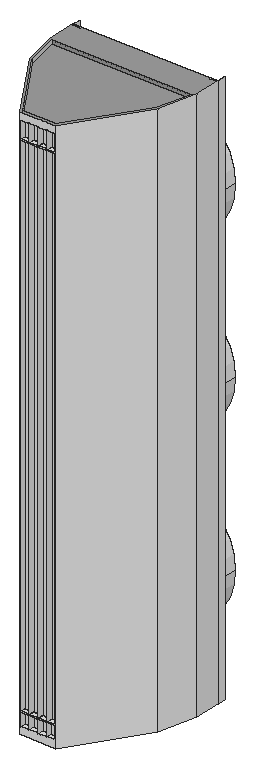
Revit family "Guard Pro 200E", category Wyposażenie mechaniczne, Revit 2018
Family settings
  Wymiar okrągłego złącza = Użyj średnicy
  Klasyfikacja = Brak
  Typ części = Normalny
  Oparty na płaszczyźnie roboczej = Nie
  Zawsze pionowo = Tak
  Tnij formami wycięć po wczytaniu = Nie
  Współdzielony = Nie
  Punkt obliczania pomieszczeń = Nie
Parameters (values of type "Guard Pro 200E")
  напряжение питания нагревателя = 400 V
  материал = Powder lak coated Steel
  двигатель потребление тока = 3.6 A
  Скорость воздушного потока [instance] = 0.0 m/s
  Потребление тока = 29 A
  Номинальная тепловая мощность [instance] = 21000 W
  Напряжение питания = 230 V
  Мощность электродвигателя = 750 W
  Масса = 63.00 kg
  Максимальный расход воздуха = 9100 m³/h
  Максимальная высота двери = 8 mm
  Класс защиты = "IP54"
  Длина завесы = 2000 mm
  Диаметры патрубков = "19.1"
  Opis = "Промышленная воздушно-тепловая завеса"
  Fan3 = yes
  высота вентилятора 3 = 1620 mm
  высота вентилятора 2 = 1000 mm
  высота вентилятора 1 = 380 mm
  Producent = "SONNIGER Polska Sp. z o.o. Sp. k."
  Model = "Guard Pro 200E"
  Autor = "www.archispace.pl"
Reference planes
  plane 1 "Środek (Przód/Tył)": y = 0
  plane 2: z = 0
  plane 3 "Środek (Lewa/Prawa)": x = 0
  plane 4 "wysokość": z = 2000
Forms (mm)
  Extrusion 1, solid, material "Powder lak coated Steel" <- "материал"
    sketch origin (0, 0, 0) x (1, 0, 0) y (0, 1, 0)
      loop
        line (-260, 0) -> (-260, -98) -> (-228.987, -228) -> (-64, -480) -> (64, -480) -> (228.987, -228) -> (260.988, -93.861) -> (260.988, 0) -> (-260, 0)
    from 0 to 2000
  Extrusion 2, void, detail levels fine
    sketch origin (-64, -480, 0) x (-1, 0, 0) y (0, 0, 1)
      loop
        line (-31.536, 1910.02) -> (-31.536, 75.02) -> (-1.411, 75.02) -> (-1.411, 1910.02) -> (-31.536, 1910.02)
      loop
        line (-33.036, 1910.02) -> (-63.161, 1910.02) -> (-63.161, 75.02) -> (-33.036, 75.02) -> (-33.036, 1910.02)
      loop
        line (-64.661, 75.02) -> (-64.661, 1910.02) -> (-94.786, 1910.02) -> (-94.786, 75.02) -> (-64.661, 75.02)
      loop
        line (-96.411, 1910.02) -> (-126.411, 1910.02) -> (-126.411, 75.02) -> (-96.411, 75.02) -> (-96.411, 1910.02)
      loop
        line (-96.411, 1911.52) -> (-96.411, 1974.42) -> (-126.411, 1974.42) -> (-126.411, 1911.52) -> (-96.411, 1911.52)
      loop
        line (-94.786, 1911.52) -> (-64.661, 1911.52) -> (-64.661, 1974.42) -> (-94.786, 1974.42) -> (-94.786, 1911.52)
      loop
        line (-63.161, 1911.52) -> (-33.036, 1911.52) -> (-33.036, 1974.42) -> (-63.161, 1974.42) -> (-63.161, 1911.52)
      loop
        line (-31.536, 1911.52) -> (-1.411, 1911.52) -> (-1.411, 1974.42) -> (-31.536, 1974.42) -> (-31.536, 1911.52)
      loop
        line (-1.411, 25.62) -> (-1.411, 73.52) -> (-31.536, 73.52) -> (-31.536, 25.62) -> (-1.411, 25.62)
      loop
        line (-33.036, 73.52) -> (-63.161, 73.52) -> (-63.161, 25.62) -> (-33.036, 25.62) -> (-33.036, 73.52)
      loop
        line (-64.661, 73.52) -> (-94.786, 73.52) -> (-94.786, 25.62) -> (-64.661, 25.62) -> (-64.661, 73.52)
      loop
        line (-96.286, 73.52) -> (-126.411, 73.52) -> (-126.411, 25.62) -> (-96.286, 25.62) -> (-96.286, 73.52)
    from 0 to 20
  Extrusion 3, solid, material "Powder lak coated Steel" <- "материал"
    sketch origin (-1359.541, 0, 0) x (1, 0, 0) y (0, 0, -1)
      loop
        circle (1360.528, -380) r 242
    from 0 to 98
  Extrusion 4, solid, material "Powder lak coated Steel" <- "материал"
    sketch origin (-1359.541, 0, 676) x (1, 0, 0) y (0, 0, -1)
      loop
        circle (1360.528, -324) r 242
    from 0 to 98
  Extrusion 5, solid, material "Powder lak coated Steel" <- "материал", visible <- "Fan3"
    sketch origin (0, 0, 0) x (1, 0, 0) y (0, 0, 1)
      loop
        circle (0, 1620) r 243
    from 0 to -98
  Extrusion 6, solid, material "Powder lak coated Steel" <- "материал", visible <- "Fan3", detail levels coarse
    sketch origin (0, 98, 0) x (-1, 0, 0) y (0, 0, 1)
      loop
        circle (0, 1620) r 40.517
    from 0 to 28.5
  Extrusion 7, solid, material "Powder lak coated Steel" <- "материал", detail levels coarse
    sketch origin (-1359.541, 98, 676) x (1, 0, 0) y (0, 0, -1)
      loop
        circle (1358.702, -324) r 40.77
    from 0 to 28.5
  Extrusion 8, solid, material "Powder lak coated Steel" <- "материал", detail levels coarse
    sketch origin (-1359.541, 98, 0) x (1, 0, 0) y (0, 0, -1)
      loop
        circle (1359.541, -380) r 41.364
    from 0 to 28.5
  Extrusion 9, solid, material "Powder lak coated Steel" <- "материал", detail levels medium+fine
    sketch origin (0, 0, 0) x (1, 0, 0) y (0, 1, 0)
      loop
        line (-257.512, 2.502) -> (-257.512, 30) -> (-259.012, 30) -> (-259.012, 2.5)
        arc (-259.012, 2.5) -> (-258.28, 0.732) -> (-256.512, 0) r 2.5
        line (-256.512, 0) -> (-231.985, 0) -> (-231.985, 1.5) -> (-256.512, 1.5)
        arc (-256.512, 1.5) -> (-257.22, 1.795) -> (-257.512, 2.502) r 1
      loop
        line (259.488, 30) -> (259.488, 2.5)
        arc (259.488, 2.5) -> (259.195, 1.793) -> (258.488, 1.5) r 1
        line (258.488, 1.5) -> (233.988, 1.5) -> (233.988, 0) -> (258.488, 0)
        arc (258.488, 0) -> (260.255, 0.735) -> (260.988, 2.503) r 2.5
        line (260.988, 2.503) -> (260.988, 30) -> (259.488, 30)
    from 0 to 2000
  Extrusion 10, void, detail levels medium+fine
    sketch origin (0, 0, 0) x (1, 0, 0) y (0, 1, 0)
      loop
        line (60.875, -473.318) -> (221.487, -228) -> (250.687, -105.6) -> (-250.687, -105.6) -> (-221.487, -228) -> (-60.875, -473.318) -> (60.875, -473.318)
    from 1985.666 to 2433.194
  Extrusion 11, void, detail levels medium+fine
    sketch origin (0, 0, 0) x (1, 0, 0) y (0, 1, 0)
      loop
        line (-221.487, -228) -> (-60.875, -473.318) -> (60.875, -473.318) -> (221.487, -228) -> (250.687, -105.6) -> (-250.687, -105.6) -> (-221.487, -228)
    from -69.313 to 11.43
  Extrusion 12, solid, detail levels medium+fine
    sketch origin (-1359.541, 98, 676) x (1, 0, 0) y (0, 0, -1)
      loop
        line (1345.504, 257.295) -> (1372.553, 257.295)
        arc (1372.553, 257.295) -> (1388.02, 267.009) -> (1397.733, 282.475) r 41
        line (1397.733, 282.475) -> (1397.733, 309.525)
        arc (1397.733, 309.525) -> (1388.02, 324.991) -> (1372.553, 334.705) r 41
        line (1372.553, 334.705) -> (1345.504, 334.705)
        arc (1345.504, 334.705) -> (1330.037, 324.991) -> (1320.323, 309.525) r 41
        line (1320.323, 309.525) -> (1320.323, 282.475)
        arc (1320.323, 282.475) -> (1330.037, 267.009) -> (1345.504, 257.295) r 41
    from 0 to 28.5
  Extrusion 13, solid, visible <- "Fan3", detail levels medium+fine
    sketch origin (-1359.541, 98, 1206.324) x (1, 0, 0) y (0, 0, -1)
      loop
        line (1345.504, -452.381) -> (1372.553, -452.381)
        arc (1372.553, -452.381) -> (1388.02, -442.668) -> (1397.733, -427.201) r 41
        line (1397.733, -427.201) -> (1397.733, -400.152)
        arc (1397.733, -400.152) -> (1388.02, -384.685) -> (1372.553, -374.971) r 41
        line (1372.553, -374.971) -> (1345.504, -374.971)
        arc (1345.504, -374.971) -> (1330.037, -384.685) -> (1320.323, -400.152) r 41
        line (1320.323, -400.152) -> (1320.323, -427.201)
        arc (1320.323, -427.201) -> (1330.037, -442.668) -> (1345.504, -452.381) r 41
    from 0 to 28.5
  Extrusion 14, solid, detail levels medium+fine
    sketch origin (-1359.541, 98, 1352.306) x (1, 0, 0) y (0, 0, -1)
      loop
        line (1345.504, 313.601) -> (1372.553, 313.601)
        arc (1372.553, 313.601) -> (1388.02, 323.314) -> (1397.733, 338.781) r 41
        line (1397.733, 338.781) -> (1397.733, 365.83)
        arc (1397.733, 365.83) -> (1388.02, 381.297) -> (1372.553, 391.011) r 41
        line (1372.553, 391.011) -> (1345.504, 391.011)
        arc (1345.504, 391.011) -> (1330.037, 381.297) -> (1320.323, 365.83) r 41
        line (1320.323, 365.83) -> (1320.323, 338.781)
        arc (1320.323, 338.781) -> (1330.037, 323.314) -> (1345.504, 313.601) r 41
    from 0 to 28.5
Cuts and joins
  Extrusion 2, Extrusion 10, Extrusion 11 cuts Extrusion 1
Lines and regions (mm)
  Split face 1
    outline origin (228.987, -228, 2500) x (0, 0, -1) y (0.23205, 0.972704, 0)
      loop
        line (532.508, 13.225) -> (768.508, 13.225) -> (768.508, 75.225) -> (532.508, 75.225) -> (532.508, 13.225)
Dimensions and locks
  "Длина завесы": plane 4 "wysokość" to level
  "высота вентилятора 1": cut or joined group of Extrusion 1, Extrusion 2, Extrusion 10, Extrusion 11 to Extrusion 3 sketch curve
  "высота вентилятора 2": cut or joined group of Extrusion 1, Extrusion 2, Extrusion 10, Extrusion 11 to Extrusion 4 sketch curve
  "высота вентилятора 3": level to Extrusion 5 sketch curve
  "высота вентилятора 3": cut or joined group of Extrusion 1, Extrusion 2, Extrusion 10, Extrusion 11 to Extrusion 6 sketch curve
  "высота вентилятора 2": level to Extrusion 7 sketch curve
  "высота вентилятора 1": cut or joined group of Extrusion 1, Extrusion 2, Extrusion 10, Extrusion 11 to Extrusion 8 sketch curve
  locked: cut or joined group of Extrusion 1, Extrusion 2, Extrusion 10, Extrusion 11 to plane 4 "wysokość" at 14.334
  "высота вентилятора 1": level to Extrusion 12 sketch curve
  "высота вентилятора 2": level to Extrusion 14 sketch curve
  "высота вентилятора 3": level to Extrusion 13 sketch curve
  locked: cut or joined group of Extrusion 1, Extrusion 2, Extrusion 10, Extrusion 11 to Split face 1 at 32.508
  aligned and locked: level to plane 2
  aligned and locked: plane 4 "wysokość" to Extrusion 1
  aligned and locked: Extrusion 6 to Extrusion 7
  aligned and locked: Extrusion 8 to Extrusion 3
  aligned and locked: Extrusion 8 to Extrusion 7
  aligned and locked: plane 4 "wysokość" to Extrusion 9
  aligned and locked: Extrusion 12 to Extrusion 3
Automatic sketch dimensions
  plane 1 "Środek (Przód/Tył)" to Extrusion 1 sketch curve = 0 mm
  plane 1 "Środek (Przód/Tył)" to Extrusion 1 sketch curve = 98 mm
  Extrusion 1 sketch curve to plane 3 "Środek (Lewa/Prawa)" = 260 mm
  Extrusion 1 sketch curve to Extrusion 1 sketch curve = 31.013 mm
  Extrusion 1 sketch curve to plane 3 "Środek (Lewa/Prawa)" = 64 mm
  plane 3 "Środek (Lewa/Prawa)" to Extrusion 1 sketch curve = 64 mm
  plane 3 "Środek (Lewa/Prawa)" to Extrusion 1 sketch curve = 228.987 mm
  Extrusion 1 sketch curve to Extrusion 1 sketch curve = 32.001 mm
  Extrusion 1 sketch curve to Extrusion 1 sketch curve = 130 mm
  plane 1 "Środek (Przód/Tył)" to Extrusion 1 sketch curve = 228 mm
  Extrusion 1 sketch curve to Extrusion 1 sketch curve = 252 mm
  Extrusion 1 sketch curve to Extrusion 1 sketch curve = 93.861 mm
  Extrusion 1 to Extrusion 2 sketch curve = 1.589 mm  (x3)
  Extrusion 2 sketch curve to Extrusion 2 sketch curve = 30 mm
  Extrusion 2 sketch curve to Extrusion 2 sketch curve = 0 mm  (x13)
  Extrusion 2 sketch curve to Extrusion 2 sketch curve = 0.125 mm
  Extrusion 2 sketch curve to Extrusion 2 sketch curve = 1.625 mm  (x2)
  Extrusion 2 sketch curve to Extrusion 2 sketch curve = 1.5 mm  (x14)
  Extrusion 2 sketch curve to Extrusion 2 sketch curve = 30.125 mm  (x3)
  Extrusion 2 sketch curve to Extrusion 1 = 1.411 mm  (x3)
  Extrusion 2 sketch curve to Extrusion 1 = 25.62 mm  (x2)
  Extrusion 2 sketch curve to Extrusion 2 sketch curve = 47.9 mm
  Extrusion 2 sketch curve to Extrusion 1 = 89.98 mm  (x2)
  Extrusion 2 sketch curve to Extrusion 1 = 25.58 mm  (x3)
  plane 1 "Środek (Przód/Tył)" to Extrusion 9 sketch curve = 0 mm  (x2)
  Extrusion 9 sketch curve to plane 1 "Środek (Przód/Tył)" = 30 mm
  Extrusion 9 sketch curve to plane 3 "Środek (Lewa/Prawa)" = 259.012 mm
  Extrusion 9 sketch curve to Extrusion 9 sketch curve = 1.5 mm  (x3)
  Extrusion 9 sketch curve to Extrusion 9 sketch curve = 1 mm  (x3)
  Extrusion 9 sketch curve to Extrusion 9 sketch curve = 0 mm  (x10)
  Extrusion 9 sketch curve to plane 1 "Środek (Przód/Tył)" = 1.5 mm
  Extrusion 9 sketch curve to Extrusion 9 sketch curve = 24.528 mm
  plane 3 "Środek (Lewa/Prawa)" to Extrusion 9 sketch curve = 233.988 mm
  Extrusion 9 sketch curve to plane 1 "Środek (Przód/Tył)" = 2.503 mm
  Extrusion 9 sketch curve to Extrusion 9 sketch curve = 24.5 mm
  Extrusion 9 sketch curve to Extrusion 9 sketch curve = 0.003 mm
  Extrusion 9 sketch curve to Extrusion 9 sketch curve = 0.002 mm
  Extrusion 9 sketch curve to Extrusion 9 sketch curve = 27.5 mm
  plane 1 "Środek (Przód/Tył)" to Extrusion 10 sketch curve = 105.6 mm
  Extrusion 10 sketch curve to plane 3 "Środek (Lewa/Prawa)" = 250.687 mm
  Extrusion 10 sketch curve to Extrusion 10 sketch curve = 29.2 mm  (x2)
  Extrusion 10 sketch curve to plane 3 "Środek (Lewa/Prawa)" = 60.875 mm
  plane 3 "Środek (Lewa/Prawa)" to Extrusion 10 sketch curve = 60.875 mm
  plane 3 "Środek (Lewa/Prawa)" to Extrusion 10 sketch curve = 221.487 mm
  Extrusion 10 sketch curve to Extrusion 10 sketch curve = 122.4 mm  (x2)
  Extrusion 10 sketch curve to Extrusion 10 sketch curve = 245.318 mm
  plane 1 "Środek (Przód/Tył)" to Extrusion 11 sketch curve = 105.6 mm
  Extrusion 11 sketch curve to plane 3 "Środek (Lewa/Prawa)" = 250.687 mm
  Extrusion 11 sketch curve to Extrusion 11 sketch curve = 29.2 mm  (x2)
  Extrusion 11 sketch curve to plane 3 "Środek (Lewa/Prawa)" = 60.875 mm
  plane 3 "Środek (Lewa/Prawa)" to Extrusion 11 sketch curve = 60.875 mm
  plane 3 "Środek (Lewa/Prawa)" to Extrusion 11 sketch curve = 221.487 mm
  Extrusion 11 sketch curve to Extrusion 11 sketch curve = 122.4 mm  (x2)
  Extrusion 11 sketch curve to Extrusion 11 sketch curve = 245.318 mm
  Split face 1 sketch curve to cut or joined group of Extrusion 1, Extrusion 2, Extrusion 10, Extrusion 11 = 32.508 mm
  Split face 1 sketch curve to cut or joined group of Extrusion 1, Extrusion 2, Extrusion 10, Extrusion 11 = 62.679 mm
  Split face 1 sketch curve to Split face 1 sketch curve = 236 mm
  cut or joined group of Extrusion 1, Extrusion 2, Extrusion 10, Extrusion 11 to Split face 1 sketch curve = 13.225 mm
  Extrusion 3 sketch curve to Extrusion 1 = 260 mm
  Extrusion 4 sketch curve to Extrusion 1 = 260 mm
  Extrusion 5 sketch curve to plane 3 "Środek (Lewa/Prawa)" = 0 mm
  Extrusion 12 sketch curve to Extrusion 12 sketch curve = 0 mm  (x6)
  Extrusion 12 sketch curve to plane 3 "Środek (Lewa/Prawa)" = 39.218 mm
  Extrusion 12 sketch curve to plane 3 "Środek (Lewa/Prawa)" = 14.037 mm  (x2)
  Extrusion 12 sketch curve to plane 3 "Środek (Lewa/Prawa)" = 0.512 mm
  plane 3 "Środek (Lewa/Prawa)" to Extrusion 12 sketch curve = 13.012 mm  (x2)
  Extrusion 12 sketch curve to Extrusion 12 sketch curve = 25.18 mm
  Extrusion 12 sketch curve to Extrusion 12 sketch curve = 13.525 mm
  Extrusion 12 sketch curve to Extrusion 12 sketch curve = 27.049 mm
  Extrusion 13 sketch curve to Extrusion 13 sketch curve = 0 mm  (x6)
  Extrusion 13 sketch curve to plane 3 "Środek (Lewa/Prawa)" = 39.218 mm
  Extrusion 13 sketch curve to plane 3 "Środek (Lewa/Prawa)" = 14.037 mm  (x2)
  Extrusion 13 sketch curve to plane 3 "Środek (Lewa/Prawa)" = 0.512 mm
  plane 3 "Środek (Lewa/Prawa)" to Extrusion 13 sketch curve = 13.012 mm  (x2)
  Extrusion 13 sketch curve to Extrusion 13 sketch curve = 25.18 mm
  Extrusion 13 sketch curve to Extrusion 13 sketch curve = 13.525 mm
  Extrusion 13 sketch curve to Extrusion 13 sketch curve = 27.049 mm
  Extrusion 14 sketch curve to Extrusion 14 sketch curve = 0 mm  (x6)
  Extrusion 14 sketch curve to plane 3 "Środek (Lewa/Prawa)" = 39.218 mm
  Extrusion 14 sketch curve to plane 3 "Środek (Lewa/Prawa)" = 14.037 mm  (x2)
  Extrusion 14 sketch curve to plane 3 "Środek (Lewa/Prawa)" = 0.512 mm
  plane 3 "Środek (Lewa/Prawa)" to Extrusion 14 sketch curve = 13.012 mm  (x2)
  Extrusion 14 sketch curve to Extrusion 14 sketch curve = 25.18 mm
  Extrusion 14 sketch curve to Extrusion 14 sketch curve = 13.525 mm
  Extrusion 14 sketch curve to Extrusion 14 sketch curve = 27.049 mm
  radius of Extrusion 3 sketch curve = 242 mm
  radius of Extrusion 4 sketch curve = 242 mm
  radius of Extrusion 5 sketch curve = 243 mm
  radius of Extrusion 6 sketch curve = 40.517 mm
  radius of Extrusion 7 sketch curve = 40.77 mm
  radius of Extrusion 8 sketch curve = 41.364 mm
Connectors
  electrical at (0.494, 0, 1000), driven by "Напряжение питания"
    settings: on cut or joined group of Extrusion 1, Extrusion 2, Extrusion 10, Extrusion 11, index 1, voltage 230 V, apparent load 0.0 kVA, apparent load phase1 0.5 kVA, apparent load phase2 0.0 kVA, apparent load phase3 0.0 kVA, power factor 1, load classification "Moc", number of poles 1, system type 31, power factor state 1, is connector primary yes, connector utility no, sub classification motor no, connector description ""
